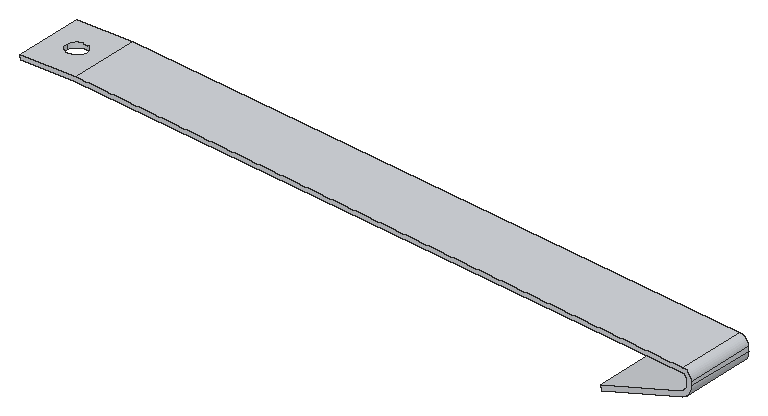
Revit family "beam clamp retaining strap-7250-8", category Pipe Accessories, Revit 2018
Family settings
  Round Connector Dimension = Use Diameter
  Part Type = Normal
  Work Plane-Based = No
  Always vertical = Yes
  Cut with Voids When Loaded = No
  Shared = No
Parameters (values of type "FNW7250Z0600")
  Weight [instance] = ""  # constant formula
  W = 0.950"  # constant formula
  URL = "http://www.fnw.com"
  T = 0.063"  # constant formula
  Show Sample Beam Clamp [instance] = no
  SSR = 0.125"  # constant formula
  SQH = 0.153"  # constant formula
  RD = 0.280"  # constant formula
  R1 = RD / 2  # 0.140"
  Product ID [instance] = ""
  Part Number [instance] = "FNW7250Z0600"
  Material = Zinc
  Threaded Rod Center = 1.000"  # constant formula
  Inside Beam Face [instance] = 0.630"  # constant formula
  Description BOM [instance] = "Beam Clamp Retaining Strap 8\""
  D = 0.750"  # constant formula
  C Half [instance] = Beam Clamp Height / 2  # 0.780"
  Beam Size = 8.000"  # constant formula
  Beam Clamp Height = 1.560"  # constant formula
  Beam thickness [instance] = 0.250"
  B = 1.220"  # constant formula
  A = 1.880"  # constant formula
Reference planes (in)
  plane 1 "Center (Front/Back)": y = 0
  plane 2: z = 0
  plane 3 "Center (Left/Right)": x = 0
  plane 4: x = -1
  plane 5: z = 1.56
  plane 6: x = -1.38
  plane 7: x = -0.63
  plane 8: z = 1.137
  plane 9: z = 0.387
  plane 10: z = 0.762
  plane 11: x = 0.34
  plane 12: y = 0.315
  plane 13: y = -0.315
  plane 14: y = 0.475
  plane 15: y = -0.475
  plane 16: through (-0.63, -180, 1.56) normal (0.0778, 0, 0.997)
  plane 17: z = 0.887
  plane 18: x = 7.37
Forms (in)
  Extrusion 1, solid, material "Glass", visible <- "Show Sample Beam Clamp"
    sketch origin (0, 0, 0) x (1, 0, 0) y (0, 0, 1)
      loop
        line (-1.38, 1.56) -> (-1.38, 0) -> (0.34, 0) -> (0.34, 0.387) -> (-0.63, 0.387) -> (-0.63, 1.137) -> (0.34, 1.137) -> (0.34, 1.56) -> (-1.38, 1.56)
    from -0.475 to 0.475
  Extrusion 2, void
    sketch origin (0, 0, 0) x (1, 0, 0) y (0, 1, 0)
      loop
        line (-0.63, 0.475) -> (0.02948, 0.44745)
        arc (0.02948, 0.44745) -> (0.44842, 0) -> (0.02948, -0.44745) r 0.44842
        line (0.02948, -0.44745) -> (-0.63, -0.475) -> (-0.63, -0.725) -> (1.06638, -0.725) -> (1.06638, 0) -> (1.06638, 0.725) -> (-0.63, 0.725) -> (-0.63, 0.475)
    from 0 to 1.81081
  Extrusion 3, void
    sketch origin (0, 0, 0) x (1, 0, 0) y (0, 1, 0)
      loop
        circle (-1, 0) r 0.14
    from 0 to 2.00406
  Extrusion 4, void
    sketch origin (0, 0, 0) x (1, 0, 0) y (0, 0, 1)
      loop
        line (0.85897, 1.44414) -> (0.85897, 1.7727) -> (-1.86912, 1.7727) -> (-1.86912, -0.08867) -> (-1.30007, -0.08867) -> (-1.30007, 0.387) -> (-1.44105, 0.46839) -> (-1.44105, 1.05561) -> (-1.30007, 1.137) -> (-1.30007, 1.56) -> (-0.62534, 1.56) -> (0.85897, 1.44414)
    from -0.3798 to 0.3798
  Revolve 5, solid, material "Glass", visible <- "Show Sample Beam Clamp"
    sketch origin (0, 0, 0) x (1, 0, 0) y (0, 0, 1)
      loop
        line (0, 0.5745) -> (-0.05343, 0.5745) -> (-0.125, 0.40775) -> (-0.125, -0.34209) -> (0, -0.34209) -> (0, 0.5745)
      axis (0, 0.5745) -> (0, -0.34209)
    angle from 0 to 360
  Extrusion 6, solid, material "Glass", visible <- "Show Sample Beam Clamp"
    sketch origin (0, 0, 0) x (1, 0, 0) y (0, 1, 0)
      loop
        line (-0.153, 0.153) -> (-0.153, -0.153) -> (0.153, -0.153) -> (0.153, 0.153) -> (-0.153, 0.153)
    from -0.50563 to -0.34209
  Revolve 7, void
    sketch origin (0, 0, 0) x (1, 0, 0) y (0, 0, 1)
      loop
        line (-1.45014, 0.762) -> (-1.18765, 0.762) -> (-1.18765, 0.902) -> (-1.45014, 0.902) -> (-1.45014, 0.762)
      axis (-1.18765, 0.762) -> (-1.45014, 0.762)
    angle from 0 to 360
  Sweep 8, solid
    path origin (0, 0, 0) x (1, 0, 0) y (0, 0, 1)
      loop
        line (-1.38, 1.61854) -> (-0.63, 1.61854) -> (7.50782, 0.98332)
        arc (7.50782, 0.98332) -> (7.56985, 0.95327) -> (7.59498, 0.88909) r 0.09452
        line (7.59498, 0.88909) -> (7.59498, 0.83164)
        arc (7.59498, 0.83164) -> (7.56689, 0.74769) -> (7.49393, 0.69754) r 0.1395
        line (7.49393, 0.69754) -> (6.41094, 0.387)
    profile origin (-1.005, 0, 1.61854) x (0, 0, 1) y (0, -1, 0)
      loop
        line (0.0315, -0.475) -> (0.0315, 0.475) -> (-0.0315, 0.475) -> (-0.0315, -0.475) -> (0.0315, -0.475)
Cuts and joins
  Extrusion 2, Extrusion 3, Extrusion 4, Revolve 7 cuts Extrusion 1
  Extrusion 3 cuts Sweep 8
Lines and regions (in)
  reference lines
    curve 1: line (-1, 0, 1.56) -> (-1, 0, 0)
    curve 2: line (-1.38, 0, 0) -> (0.75, 0, 0)
    curve 3: line (7.37, 0, 1.56) -> (7.37, 0, -1.19)
    curve 4: line (0, 0, 3.06) -> (0, 0, -0.86039)
    curve 5: line (-1, 0, 2.9094) -> (-1, 0, -2.5906)
    curve 6: line (-1, 0, 1.56) -> (-4.75, 0, 1.56)
Dimensions and locks (in)
  "Beam Clamp Height": plane 5 to plane 2
  equal spacing: plane 8, plane 10, plane 9
  equal spacing: plane 13, plane 1 "Center (Front/Back)", plane 12
  "Inside Beam Face": plane 13 to plane 12
  "SSR": plane 3 "Center (Left/Right)" to Revolve 5 sketch curve
  "SQH": plane 1 "Center (Front/Back)" to Extrusion 6 sketch curve  (x2)
  "SQH": plane 3 "Center (Left/Right)" to Extrusion 6 sketch curve
  "SQH": Extrusion 6 sketch curve to plane 3 "Center (Left/Right)"
  "Threaded Rod Center": plane 3 "Center (Left/Right)" to plane 4
  "Inside Beam Face": plane 7 to plane 3 "Center (Left/Right)"
  "R1": Revolve 7 sketch curve to plane 10
  "Beam thickness": plane 8 to plane 17
  "Beam Size": plane 7 to plane 18
  equal spacing: Sweep 8 sketch curve, profile plane, Sweep 8 sketch curve
  "T": Sweep 8 sketch curve to Sweep 8 sketch curve
  equal spacing: plane 15, plane 1 "Center (Front/Back)", plane 14
  "W": plane 15 to plane 14
  "RD": diameter of Extrusion 3 sketch curve
  aligned and locked: plane 2 to level
  aligned and locked: Extrusion 1 sketch curve to plane 11
  aligned and locked: plane 5 to Extrusion 1 sketch curve
  aligned and locked: Extrusion 1 sketch curve to plane 6
  aligned and locked: Extrusion 1 to plane 15
  aligned and locked: Extrusion 1 to plane 14
  aligned and locked: curve 3 to plane 18
Automatic sketch dimensions
  plane 7 to Extrusion 1 sketch curve = 0.000"
  Extrusion 1 sketch curve to level = 0.000"
  Extrusion 1 sketch curve to plane 9 = 0.000"
  Extrusion 1 sketch curve to plane 8 = 0.000"
  plane 1 "Center (Front/Back)" to curve 2 = 0.000"
  curve 2 to plane 6 = 0.000"
  plane 11 to Extrusion 1 sketch curve = 0.000"
  plane 11 to curve 2 = 0.410"
  Extrusion 2 sketch curve to plane 7 = 0.000"  (x2)
  plane 3 "Center (Left/Right)" to Extrusion 2 sketch curve = 0.02948"  (x2)
  plane 1 "Center (Front/Back)" to Extrusion 2 sketch curve = 0.000"  (x2)
  Extrusion 2 sketch curve to plane 15 = 0.000"
  plane 14 to Extrusion 2 sketch curve = 0.000"
  Extrusion 2 sketch curve to plane 15 = 0.250"
  plane 11 to Extrusion 2 sketch curve = 0.72638"
  Extrusion 2 sketch curve to Extrusion 2 sketch curve = 0.250"
  plane 15 to Extrusion 2 sketch curve = 0.02755"
  Extrusion 2 sketch curve to plane 3 "Center (Left/Right)" = 0.000"
  Extrusion 4 sketch curve to plane 9 = 0.000"
  Extrusion 4 sketch curve to plane 5 = 0.000"
  Extrusion 4 sketch curve to plane 8 = 0.000"
  Extrusion 4 sketch curve to plane 5 = 0.2127"
  plane 6 to Extrusion 4 sketch curve = 0.06105"
  Extrusion 4 sketch curve to plane 6 = 0.07993"  (x2)
  Extrusion 4 sketch curve to plane 7 = 0.00466"
  plane 11 to Extrusion 4 sketch curve = 0.51897"
  plane 9 to Extrusion 4 sketch curve = 0.08139"
  Extrusion 4 sketch curve to plane 8 = 0.08139"
  plane 5 to Extrusion 4 sketch curve = 0.11586"
  Extrusion 4 sketch curve to level = 0.08867"
  plane 6 to Extrusion 4 sketch curve = 0.48912"
  plane 6 to Sweep 8 sketch curve = 0.000"
  plane 7 to Sweep 8 sketch curve = 0.000"
  Sweep 8 sketch curve to plane 9 = 0.000"
  Sweep 8 sketch curve to plane 16 = 0.000"
  plane 18 to Sweep 8 sketch curve = 0.08548"
  Sweep 8 sketch curve to plane 10 = 0.06446"
  plane 18 to Sweep 8 sketch curve = 0.12393"
  plane 17 to Sweep 8 sketch curve = 0.00209"
  Sweep 8 sketch curve to Sweep 8 sketch curve = 0.04498"
  Sweep 8 sketch curve to Sweep 8 sketch curve = 0.00736"
  Sweep 8 sketch curve to plane 17 = 0.05536"
  Sweep 8 sketch curve to plane 18 = 0.95906"
  curve 6 to plane 5 = 0.000"
  curve 1 to level = 0.000"
  curve 1 to plane 4 = 0.000"
  curve 5 to plane 4 = 0.000"
  curve 4 to plane 3 "Center (Left/Right)" = 0.000"
  curve 3 to plane 5 = 0.000"
  plane 6 to curve 6 = 3.370"
  curve 4 to level = 0.86039"
  curve 3 to level = 1.190"
  curve 5 to curve 4 = 1.73021"
  curve 1 to curve 5 = 1.3494"
  curve 5 to curve 4 = 0.1506"
  plane 1 "Center (Front/Back)" to Extrusion 3 sketch curve = 0.000"
  Extrusion 3 sketch curve to plane 4 = 0.000"
  Revolve 5 sketch curve to plane 3 "Center (Left/Right)" = 0.000"  (x2)
  Revolve 5 sketch curve to Revolve 5 sketch curve = 0.05343"
  Revolve 5 sketch curve to level = 0.34209"
  plane 9 to Revolve 5 sketch curve = 0.02075"
  Revolve 5 sketch curve to Revolve 5 sketch curve = 0.16675"
  Revolve 5 sketch curve to Revolve 5 sketch curve = 1.02075"
  Revolve 5 sketch curve to Revolve 5 sketch curve = 0.0625"
  Revolve 7 sketch curve to plane 10 = 0.000"  (x2)
  plane 6 to Revolve 7 sketch curve = 0.07014"
  Revolve 7 sketch curve to plane 4 = 0.18765"
  Revolve 7 sketch curve to Revolve 7 sketch curve = 0.62202"
  plane 7 to Revolve 7 sketch curve = 0.04235"
  Sweep 8 sketch curve to plane 1 "Center (Front/Back)" = 0.475"
  plane 1 "Center (Front/Back)" to Sweep 8 sketch curve = 0.475"
